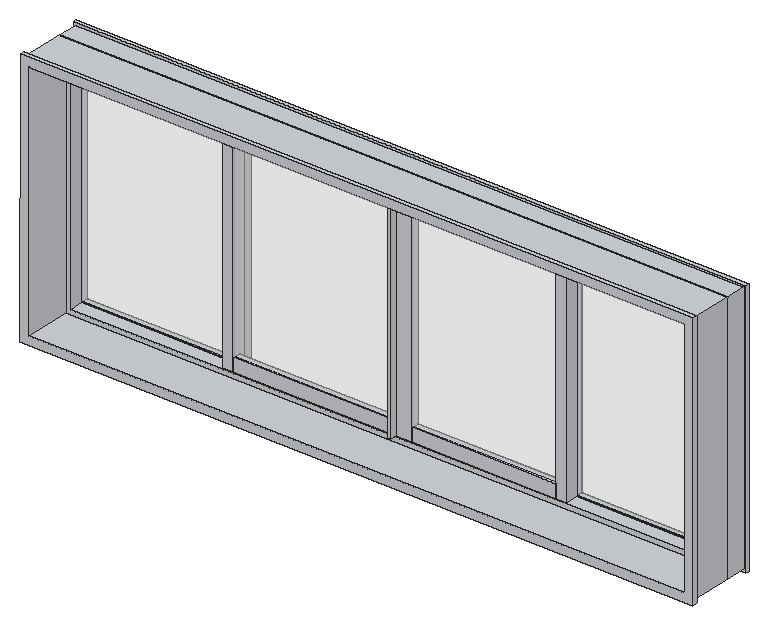
Revit family "APL Residential Thermal Heart Sliding Window FSSF", category Windows, host Wall, Revit 2017 (continued)
Definition of nested family "APL Residential Thermal Heart Sliding Window FSSF Horizontal Section"
  Definition of nested family "Jamb Fixed"
    Definition of nested family "65400_Jamb Fixed"
      Lines and regions (mm)
        detail lines, in view "Ref. Level"
          curve 325: arc (82.5, 35.874, 0) -> (82.582, 35.477, 0) -> (82.815, 35.146, 0) r 1
          curve 326: arc (82.815, 35.146, 0) -> (82.878, 35, 0) -> (82.815, 34.854, 0) r 0.2
          curve 327: arc (82.815, 34.854, 0) -> (82.582, 34.523, 0) -> (82.5, 34.126, 0) r 1
          curve 328: arc (82.5, 32.55, 0) -> (82.628, 32.332, 0) -> (82.88, 32.337, 0) r 0.25
          curve 329: arc (82.966, 32.389, 0) -> (83.072, 32.521, 0) -> (83.069, 32.691, 0) r 0.25
          curve 330: arc (84.323, 33.456, 0) -> (84.398, 33.489, 0) -> (84.479, 33.5, 0) r 0.3
          curve 331: arc (85, 33.5, 0) -> (85.158, 33.423, 0) -> (85.194, 33.25, 0) r 0.2
          curve 332: arc (85, 29.247, 0) -> (85.026, 29.125, 0) -> (85.1, 29.024, 0) r 0.3
          curve 333: arc (85.1, 29.024, 0) -> (85.164, 28.657, 0) -> (84.822, 28.51, 0) r 0.3
          curve 334: arc (82.679, 29.043, 0) -> (82.59, 29.095, 0) -> (82.538, 29.184, 0) r 0.2
          curve 335: arc (82.493, 29.352, 0) -> (82.352, 29.493, 0) -> (82.159, 29.441, 0) r 0.2
          curve 336: arc (81.795, 29.078, 0) -> (81.735, 28.992, 0) -> (81.708, 28.892, 0) r 0.3
          curve 337: arc (81.501, 26.526, 0) -> (81.617, 26.262, 0) -> (81.903, 26.218, 0) r 0.3
          curve 338: arc (83.313, 26.732, 0) -> (83.439, 26.819, 0) -> (83.505, 26.957, 0) r 0.3
          curve 339: arc (83.505, 26.957, 0) -> (83.778, 27.199, 0) -> (84.083, 27, 0) r 0.3
          curve 340: arc (86.7, 27, 0) -> (86.841, 27.059, 0) -> (86.9, 27.2, 0) r 0.2
          curve 341: arc (86.9, 30.3, 0) -> (86.959, 30.441, 0) -> (87.1, 30.5, 0) r 0.2
          curve 342: arc (89.2, 30.5, 0) -> (89.341, 30.441, 0) -> (89.4, 30.3, 0) r 0.2
          curve 343: arc (89.4, 29.2, 0) -> (89.459, 29.059, 0) -> (89.6, 29, 0) r 0.2
          curve 344: arc (101.9, 29, 0) -> (102.042, 29.059, 0) -> (102.1, 29.2, 0) r 0.2
          curve 345: arc (102.1, 30.1, 0) -> (102.159, 30.241, 0) -> (102.3, 30.3, 0) r 0.2
          curve 346: arc (109.1, 30.3, 0) -> (109.454, 30.154, 0) -> (109.6, 29.8, 0) r 0.5
          curve 347: arc (109.6, 28.5, 0) -> (109.541, 28.359, 0) -> (109.4, 28.3, 0) r 0.2
          curve 348: arc (107.3, 28.3, 0) -> (107.159, 28.241, 0) -> (107.1, 28.1, 0) r 0.2
          curve 349: arc (107.1, 27.2, 0) -> (107.159, 27.059, 0) -> (107.3, 27, 0) r 0.2
          curve 350: arc (109.5, 27, 0) -> (109.854, 26.854, 0) -> (110, 26.5, 0) r 0.5
          curve 351: arc (110, 20.2, 0) -> (110.146, 19.846, 0) -> (110.5, 19.7, 0) r 0.5
          curve 352: arc (111.3, 19.7, 0) -> (111.441, 19.759, 0) -> (111.5, 19.9, 0) r 0.2
          curve 353: arc (113.3, 20.7, 0) -> (113.441, 20.641, 0) -> (113.5, 20.5, 0) r 0.2
          curve 354: arc (113.5, 15.6, 0) -> (113.1, 15.2, 0) -> (113.5, 14.8, 0) r 0.4
          curve 355: arc (113.5, 9.9, 0) -> (113.441, 9.759, 0) -> (113.3, 9.7, 0) r 0.2
          curve 356: arc (111.5, 10.3, 0) -> (111.383, 10.583, 0) -> (111.1, 10.7, 0) r 0.4
          curve 357: arc (111, 10.7, 0) -> (110.646, 10.553, 0) -> (110.5, 10.2, 0) r 0.5
          curve 358: arc (110.5, 7.65, 0) -> (111, 7.15, 0) -> (111.5, 7.65, 0) r 0.5
          curve 359: arc (111.5, 8.5, 0) -> (111.559, 8.641, 0) -> (111.7, 8.7, 0) r 0.2
          curve 360: arc (113.3, 8.7, 0) -> (113.441, 8.641, 0) -> (113.5, 8.5, 0) r 0.2
          curve 361: line (113.3, 6.95, 0) -> (113.3, 2.75, 0)
          curve 362: line (113.5, 2.404, 0) -> (113.5, 1.2, 0)
          curve 363: line (113.3, 1, 0) -> (111.701, 1, 0)
          curve 364: line (111.5, 1.2, 0) -> (111.5, 2.05, 0)
          curve 365: line (110.5, 2.05, 0) -> (110.5, 0.5, 0)
          curve 366: line (111, 0, 0) -> (114.5, 0, 0)
          curve 367: line (115, 0.5, 0) -> (115, 21.5, 0)
          curve 368: line (114.5, 22, 0) -> (111.7, 22, 0)
          curve 369: line (111.5, 22.2, 0) -> (111.5, 29.801, 0)
          curve 370: line (109.293, 35.9, 0) -> (109.5, 35.9, 0)
          curve 371: line (111.5, 37.9, 0) -> (111.5, 41.5, 0)
          curve 372: line (111.5, 41.5, 0) -> (120.75, 41.5, 0)
          curve 373: line (120.745, 43, 0) -> (119, 43, 0)
          curve 374: line (119, 43, 0) -> (118.6, 42.6, 0)
          curve 375: line (118.6, 42.6, 0) -> (112.3, 42.6, 0)
          curve 376: line (112.3, 42.6, 0) -> (111.9, 43, 0)
          curve 377: line (111.9, 43, 0) -> (111.5, 43, 0)
          curve 378: line (110, 41.5, 0) -> (110, 38, 0)
          curve 379: line (109.8, 37.8, 0) -> (100.5, 37.8, 0)
          curve 380: line (100, 37.3, 0) -> (100, 36.8, 0)
          curve 381: line (100.5, 36.3, 0) -> (101.927, 36.3, 0)
          curve 382: line (100.048, 30.9, 0) -> (91.556, 30.9, 0)
          curve 383: line (89.2, 32.4, 0) -> (87.9, 32.4, 0)
          curve 384: line (86.9, 33.4, 0) -> (86.9, 42.5, 0)
          curve 385: line (86.4, 43, 0) -> (84.083, 43, 0)
          curve 386: line (83.313, 43.268, 0) -> (81.903, 43.782, 0)
          curve 387: line (81.501, 43.474, 0) -> (81.708, 41.108, 0)
          curve 388: line (81.795, 40.922, 0) -> (82.159, 40.559, 0)
          curve 389: line (82.493, 40.648, 0) -> (82.538, 40.816, 0)
          curve 390: line (82.679, 40.957, 0) -> (84.812, 41.528, 0)
          curve 391: line (85, 40.753, 0) -> (85, 37.525, 0)
          curve 392: line (85, 37.5, 0) -> (85.194, 36.75, 0)
          curve 393: line (85, 36.5, 0) -> (84.479, 36.5, 0)
          curve 394: line (84.323, 36.544, 0) -> (83.069, 37.309, 0)
          curve 395: line (82.5, 37.45, 0) -> (82.5, 35.874, 0)
          curve 396: line (82.5, 34.126, 0) -> (82.5, 32.55, 0)
          curve 397: line (83.069, 32.691, 0) -> (84.323, 33.456, 0)
          curve 398: line (84.479, 33.5, 0) -> (85, 33.5, 0)
          curve 399: line (85.194, 33.25, 0) -> (85, 32.5, 0)
          curve 400: line (85, 32.475, 0) -> (85, 29.248, 0)
          curve 401: line (84.812, 28.472, 0) -> (82.679, 29.043, 0)
          curve 402: line (82.538, 29.184, 0) -> (82.493, 29.352, 0)
          curve 403: line (82.159, 29.441, 0) -> (81.795, 29.078, 0)
          curve 404: line (81.708, 28.892, 0) -> (81.501, 26.526, 0)
          curve 405: line (81.903, 26.218, 0) -> (83.313, 26.732, 0)
          curve 406: line (84.083, 27, 0) -> (86.7, 27, 0)
          curve 407: line (86.9, 27.2, 0) -> (86.9, 30.3, 0)
          curve 408: line (87.1, 30.5, 0) -> (89.2, 30.5, 0)
          curve 409: line (89.4, 30.3, 0) -> (89.4, 29.2, 0)
          curve 410: line (89.6, 29, 0) -> (95.4, 29, 0)
          curve 411: line (95.4, 29, 0) -> (95.8, 29.4, 0)
          curve 412: line (95.8, 29.4, 0) -> (96.2, 29, 0)
          curve 413: line (96.2, 29, 0) -> (101.9, 29, 0)
          curve 414: line (102.1, 29.2, 0) -> (102.1, 30.1, 0)
          curve 415: line (102.3, 30.3, 0) -> (109.1, 30.3, 0)
          curve 416: line (109.6, 29.8, 0) -> (109.6, 28.5, 0)
          curve 417: line (109.4, 28.3, 0) -> (107.3, 28.3, 0)
          curve 418: line (107.1, 28.1, 0) -> (107.1, 27.2, 0)
          curve 419: line (107.3, 27, 0) -> (109.5, 27, 0)
          curve 420: line (110, 26.5, 0) -> (110, 20.2, 0)
          curve 421: line (110.5, 19.7, 0) -> (111.3, 19.7, 0)
          curve 422: line (111.5, 19.9, 0) -> (111.5, 20.7, 0)
          curve 423: line (111.5, 20.7, 0) -> (113.3, 20.7, 0)
          curve 424: line (113.5, 20.5, 0) -> (113.5, 15.6, 0)
          curve 425: line (113.5, 14.8, 0) -> (113.5, 9.9, 0)
          curve 426: line (113.3, 9.7, 0) -> (111.5, 9.7, 0)
          curve 427: line (111.5, 9.7, 0) -> (111.5, 10.3, 0)
          curve 428: line (110.5, 10.2, 0) -> (110.5, 7.65, 0)
          curve 429: line (111.5, 7.65, 0) -> (111.5, 8.5, 0)
          curve 430: line (111.7, 8.7, 0) -> (113.3, 8.7, 0)
          curve 431: line (113.5, 8.5, 0) -> (113.5, 7.296, 0)
          curve 432: arc (113.5, 7.296, 0) -> (113.473, 7.196, 0) -> (113.4, 7.123, 0) r 0.2
          curve 433: arc (12.7, 24.6, 0) -> (12.817, 24.883, 0) -> (13.1, 25, 0) r 0.4
          curve 434: arc (13.393, 25, 0) -> (13.496, 24.986, 0) -> (13.593, 24.946, 0) r 0.4
          curve 435: arc (15.121, 24.062, 0) -> (15.411, 23.941, 0) -> (15.722, 23.9, 0) r 1.2
          curve 436: arc (16.645, 23.9, 0) -> (17.218, 23.719, 0) -> (17.584, 23.242, 0) r 1
          curve 437: arc (18.377, 21.063, 0) -> (18.524, 20.872, 0) -> (18.753, 20.8, 0) r 0.4
          curve 438: arc (21.447, 20.8, 0) -> (21.676, 20.872, 0) -> (21.823, 21.063, 0) r 0.4
          curve 439: arc (22.616, 23.242, 0) -> (22.982, 23.719, 0) -> (23.555, 23.9, 0) r 1
          curve 440: arc (24.478, 23.9, 0) -> (24.789, 23.941, 0) -> (25.079, 24.062, 0) r 1.2
          curve 441: arc (26.607, 24.946, 0) -> (26.704, 24.986, 0) -> (26.807, 25, 0) r 0.4
          curve 442: arc (27.1, 25, 0) -> (27.383, 24.883, 0) -> (27.5, 24.6, 0) r 0.4
          curve 443: arc (27.5, 21.2, 0) -> (27.383, 20.917, 0) -> (27.1, 20.8, 0) r 0.4
          curve 444: arc (26.807, 20.8, 0) -> (26.704, 20.814, 0) -> (26.607, 20.854, 0) r 0.4
          curve 445: arc (25.079, 21.739, 0) -> (24.785, 21.86, 0) -> (24.47, 21.9, 0) r 1.2
          curve 446: arc (24.47, 21.9, 0) -> (24.295, 21.847, 0) -> (24.184, 21.703, 0) r 0.3
          curve 447: arc (23.296, 19.263, 0) -> (23.149, 19.072, 0) -> (22.92, 19, 0) r 0.4
          curve 448: arc (17.28, 19, 0) -> (17.051, 19.072, 0) -> (16.904, 19.263, 0) r 0.4
          curve 449: arc (16.016, 21.703, 0) -> (15.905, 21.847, 0) -> (15.73, 21.9, 0) r 0.3
          curve 450: arc (15.73, 21.9, 0) -> (15.415, 21.86, 0) -> (15.121, 21.739, 0) r 1.2
          curve 451: arc (13.593, 20.854, 0) -> (13.496, 20.814, 0) -> (13.393, 20.8, 0) r 0.4
          curve 452: arc (13.1, 20.8, 0) -> (12.817, 20.917, 0) -> (12.7, 21.2, 0) r 0.4
          curve 453: line (13.1, 25, 0) -> (13.393, 25, 0)
          curve 454: line (13.593, 24.946, 0) -> (15.121, 24.062, 0)
          curve 455: line (15.722, 23.9, 0) -> (16.645, 23.9, 0)
          curve 456: line (17.584, 23.242, 0) -> (18.377, 21.063, 0)
          curve 457: line (18.753, 20.8, 0) -> (21.447, 20.8, 0)
          curve 458: line (21.823, 21.063, 0) -> (22.616, 23.242, 0)
          curve 459: line (23.555, 23.9, 0) -> (24.478, 23.9, 0)
          curve 460: line (25.079, 24.062, 0) -> (26.607, 24.946, 0)
          curve 461: line (26.807, 25, 0) -> (27.1, 25, 0)
          curve 462: line (27.5, 24.6, 0) -> (27.5, 21.2, 0)
          curve 463: line (27.1, 20.8, 0) -> (26.807, 20.8, 0)
          curve 464: line (26.607, 20.854, 0) -> (25.079, 21.739, 0)
          curve 465: line (24.184, 21.703, 0) -> (23.296, 19.263, 0)
          curve 466: line (22.92, 19, 0) -> (17.28, 19, 0)
          curve 467: line (16.904, 19.263, 0) -> (16.016, 21.703, 0)
          curve 468: line (15.121, 21.739, 0) -> (13.593, 20.854, 0)
          curve 469: line (13.393, 20.8, 0) -> (13.1, 20.8, 0)
          curve 470: line (12.7, 21.2, 0) -> (12.7, 24.6, 0)
          curve 471: arc (12.7, 40.8, 0) -> (12.817, 41.083, 0) -> (13.1, 41.2, 0) r 0.4
          curve 472: arc (13.393, 41.2, 0) -> (13.496, 41.186, 0) -> (13.593, 41.146, 0) r 0.4
          curve 473: arc (15.121, 40.262, 0) -> (15.411, 40.141, 0) -> (15.722, 40.1, 0) r 1.2
          curve 474: arc (16.645, 40.1, 0) -> (17.218, 39.919, 0) -> (17.584, 39.442, 0) r 1
          curve 475: arc (18.377, 37.263, 0) -> (18.524, 37.072, 0) -> (18.753, 37, 0) r 0.4
          curve 476: arc (21.447, 37, 0) -> (21.676, 37.072, 0) -> (21.823, 37.263, 0) r 0.4
          curve 477: arc (22.616, 39.442, 0) -> (22.982, 39.919, 0) -> (23.555, 40.1, 0) r 1
          curve 478: arc (24.478, 40.1, 0) -> (24.789, 40.141, 0) -> (25.079, 40.262, 0) r 1.2
          curve 479: arc (26.607, 41.146, 0) -> (26.704, 41.186, 0) -> (26.807, 41.2, 0) r 0.4
          curve 480: arc (27.1, 41.2, 0) -> (27.383, 41.083, 0) -> (27.5, 40.8, 0) r 0.4
          curve 481: arc (27.5, 37.4, 0) -> (27.383, 37.117, 0) -> (27.1, 37, 0) r 0.4
          curve 482: arc (26.807, 37, 0) -> (26.704, 37.014, 0) -> (26.607, 37.054, 0) r 0.4
          curve 483: arc (25.079, 37.939, 0) -> (24.785, 38.06, 0) -> (24.47, 38.1, 0) r 1.2
          curve 484: arc (24.47, 38.1, 0) -> (24.295, 38.047, 0) -> (24.184, 37.903, 0) r 0.3
          curve 485: arc (23.296, 35.463, 0) -> (23.149, 35.272, 0) -> (22.92, 35.2, 0) r 0.4
          curve 486: arc (17.28, 35.2, 0) -> (17.051, 35.272, 0) -> (16.904, 35.463, 0) r 0.4
          curve 487: arc (16.016, 37.903, 0) -> (15.905, 38.047, 0) -> (15.73, 38.1, 0) r 0.3
          curve 488: arc (15.73, 38.1, 0) -> (15.415, 38.06, 0) -> (15.121, 37.939, 0) r 1.2
          curve 489: arc (13.593, 37.054, 0) -> (13.496, 37.014, 0) -> (13.393, 37, 0) r 0.4
          curve 490: arc (13.1, 37, 0) -> (12.817, 37.117, 0) -> (12.7, 37.4, 0) r 0.4
          curve 491: line (13.1, 41.2, 0) -> (13.393, 41.2, 0)
          curve 492: line (13.593, 41.146, 0) -> (15.121, 40.262, 0)
          curve 493: line (15.722, 40.1, 0) -> (16.645, 40.1, 0)
          curve 494: line (17.584, 39.442, 0) -> (18.377, 37.263, 0)
          curve 495: line (18.753, 37, 0) -> (21.447, 37, 0)
          curve 496: line (21.823, 37.263, 0) -> (22.616, 39.442, 0)
          curve 497: line (23.555, 40.1, 0) -> (24.478, 40.1, 0)
          curve 498: line (25.079, 40.262, 0) -> (26.607, 41.146, 0)
          curve 499: line (26.807, 41.2, 0) -> (27.1, 41.2, 0)
          curve 500: line (27.5, 40.8, 0) -> (27.5, 37.4, 0)
          curve 501: line (27.1, 37, 0) -> (26.807, 37, 0)
          curve 502: line (26.607, 37.054, 0) -> (25.079, 37.939, 0)
          curve 503: line (24.184, 37.903, 0) -> (23.296, 35.463, 0)
          curve 504: line (22.92, 35.2, 0) -> (17.28, 35.2, 0)
          curve 505: line (16.904, 35.463, 0) -> (16.016, 37.903, 0)
          curve 506: line (15.121, 37.939, 0) -> (13.593, 37.054, 0)
          curve 507: line (13.393, 37, 0) -> (13.1, 37, 0)
          curve 508: line (12.7, 37.4, 0) -> (12.7, 40.8, 0)
          curve 509: arc (10.8, 36.502, 0) -> (11.356, 35.157, 0) -> (12.7, 34.6, 0) r 1.9
          curve 510: arc (13.1, 34.6, 0) -> (13.241, 34.541, 0) -> (13.3, 34.4, 0) r 0.2
          curve 511: arc (13.3, 27.6, 0) -> (13.241, 27.459, 0) -> (13.1, 27.4, 0) r 0.2
          curve 512: arc (11, 27.4, 0) -> (10.859, 27.341, 0) -> (10.8, 27.2, 0) r 0.2
          curve 513: arc (10.8, 26.717, 0) -> (10.741, 26.575, 0) -> (10.6, 26.517, 0) r 0.2
          curve 514: arc (1.9, 26.517, 0) -> (1.546, 26.663, 0) -> (1.4, 27.017, 0) r 0.5
          curve 515: arc (1.4, 40.755, 0) -> (1.521, 41.369, 0) -> (1.869, 41.889, 0) r 1.6
          curve 516: arc (6.387, 46.407, 0) -> (6.711, 46.624, 0) -> (7.094, 46.7, 0) r 1
          curve 517: arc (9.8, 46.7, 0) -> (10.507, 46.407, 0) -> (10.8, 45.7, 0) r 1
          curve 518: arc (1.665, 19.379, 0) -> (1.729, 19.478, 0) -> (1.725, 19.597, 0) r 0.2
          curve 519: arc (1.725, 19.597, 0) -> (1.621, 19.766, 0) -> (1.453, 19.873, 0) r 0.45
          curve 520: arc (1.453, 19.873, 0) -> (1.357, 19.948, 0) -> (1.322, 20.064, 0) r 0.2
          curve 521: arc (1.379, 24.919, 0) -> (1.438, 25.059, 0) -> (1.579, 25.117, 0) r 0.2
          curve 522: arc (10.6, 25.117, 0) -> (10.741, 25.058, 0) -> (10.8, 24.917, 0) r 0.2
          curve 523: arc (10.8, 20.828, 0) -> (10.773, 20.728, 0) -> (10.7, 20.655, 0) r 0.2
          curve 524: arc (9.6, 20.02, 0) -> (9.38, 19.8, 0) -> (9.3, 19.5, 0) r 0.6
          curve 525: arc (9.3, 19.2, 0) -> (9.359, 19.059, 0) -> (9.5, 19, 0) r 0.2
          curve 526: arc (13.617, 19, 0) -> (13.922, 19.199, 0) -> (14.195, 18.957, 0) r 0.3
          curve 527: arc (14.195, 18.957, 0) -> (14.261, 18.819, 0) -> (14.387, 18.732, 0) r 0.3
          curve 528: arc (15.797, 18.218, 0) -> (16.083, 18.262, 0) -> (16.199, 18.526, 0) r 0.3
          curve 529: arc (15.992, 20.892, 0) -> (15.965, 20.992, 0) -> (15.905, 21.078, 0) r 0.3
          curve 530: arc (15.541, 21.441, 0) -> (15.348, 21.493, 0) -> (15.207, 21.352, 0) r 0.2
          curve 531: arc (15.162, 21.184, 0) -> (15.11, 21.095, 0) -> (15.021, 21.043, 0) r 0.2
          curve 532: arc (12.878, 20.51, 0) -> (12.536, 20.657, 0) -> (12.6, 21.024, 0) r 0.3
          curve 533: arc (12.6, 21.024, 0) -> (12.674, 21.125, 0) -> (12.7, 21.247, 0) r 0.3
          curve 534: arc (12.506, 25.25, 0) -> (12.542, 25.422, 0) -> (12.7, 25.5, 0) r 0.2
          curve 535: arc (13.221, 25.5, 0) -> (13.302, 25.489, 0) -> (13.377, 25.456, 0) r 0.3
          curve 536: arc (14.631, 24.691, 0) -> (14.637, 24.498, 0) -> (14.78, 24.367, 0) r 0.25
          curve 537: arc (14.78, 24.367, 0) -> (15.05, 24.321, 0) -> (15.2, 24.55, 0) r 0.25
          curve 538: arc (15.2, 34.401, 0) -> (15.259, 34.542, 0) -> (15.4, 34.6, 0) r 0.2
          curve 539: arc (16.479, 34.6, 0) -> (16.643, 34.685, 0) -> (16.667, 34.868, 0) r 0.2
          curve 540: arc (15.775, 37.318, 0) -> (15.702, 37.414, 0) -> (15.587, 37.45, 0) r 0.2
          curve 541: arc (15.353, 37.45, 0) -> (15.248, 37.48, 0) -> (15.174, 37.561, 0) r 0.2
          curve 542: arc (15.174, 37.561, 0) -> (14.995, 37.696, 0) -> (14.78, 37.633, 0) r 0.25
          curve 543: arc (14.78, 37.633, 0) -> (14.637, 37.502, 0) -> (14.631, 37.309, 0) r 0.25
          curve 544: arc (13.377, 36.544, 0) -> (13.302, 36.511, 0) -> (13.221, 36.5, 0) r 0.3
          curve 545: arc (12.7, 36.5, 0) -> (12.542, 36.578, 0) -> (12.506, 36.75, 0) r 0.2
          curve 546: arc (12.7, 40.753, 0) -> (12.674, 40.875, 0) -> (12.6, 40.976, 0) r 0.3
          curve 547: arc (12.6, 40.976, 0) -> (12.536, 41.343, 0) -> (12.878, 41.49, 0) r 0.3
          curve 548: arc (15.021, 40.957, 0) -> (15.11, 40.905, 0) -> (15.162, 40.816, 0) r 0.2
          curve 549: arc (15.207, 40.648, 0) -> (15.348, 40.507, 0) -> (15.541, 40.559, 0) r 0.2
          curve 550: arc (15.905, 40.922, 0) -> (15.965, 41.008, 0) -> (15.992, 41.108, 0) r 0.3
          curve 551: arc (16.199, 43.474, 0) -> (16.083, 43.738, 0) -> (15.797, 43.782, 0) r 0.3
          curve 552: arc (14.387, 43.268, 0) -> (14.261, 43.181, 0) -> (14.195, 43.043, 0) r 0.3
          curve 553: arc (14.195, 43.043, 0) -> (13.922, 42.801, 0) -> (13.617, 43, 0) r 0.3
          curve 554: arc (12.6, 43, 0) -> (12.459, 43.059, 0) -> (12.4, 43.2, 0) r 0.2
          curve 555: arc (12.4, 45.696, 0) -> (11.64, 47.537, 0) -> (9.8, 48.3, 0) r 2.6
          curve 556: arc (7.9, 48.3, 0) -> (7.547, 48.446, 0) -> (7.4, 48.8, 0) r 0.5
          curve 557: arc (7.4, 56.402, 0) -> (7.508, 56.581, 0) -> (7.716, 56.566, 0) r 0.2
          curve 558: arc (7.716, 56.566, 0) -> (8.721, 56.692, 0) -> (8.684, 57.705, 0) r 0.75
          curve 559: arc (8.684, 57.705, 0) -> (8.15, 59.005, 0) -> (8.684, 60.305, 0) r 1.85
          curve 560: arc (8.684, 60.305, 0) -> (8.794, 60.447, 0) -> (8.867, 60.612, 0) r 0.75
          curve 561: arc (8.867, 60.612, 0) -> (8.97, 60.796, 0) -> (9.14, 60.921, 0) r 0.5
          curve 562: arc (9.14, 60.921, 0) -> (10, 61.105, 0) -> (10.86, 60.921, 0) r 2.1
          curve 563: arc (10.86, 60.921, 0) -> (11.03, 60.796, 0) -> (11.133, 60.612, 0) r 0.5
          curve 564: arc (11.133, 60.612, 0) -> (11.206, 60.447, 0) -> (11.316, 60.305, 0) r 0.75
          curve 565: arc (11.316, 60.305, 0) -> (11.85, 59.005, 0) -> (11.316, 57.705, 0) r 1.85
          curve 566: arc (11.316, 57.705, 0) -> (11.323, 56.644, 0) -> (12.384, 56.651, 0) r 0.75
          curve 567: arc (12.384, 56.651, 0) -> (13.348, 58.881, 0) -> (12.551, 61.176, 0) r 3.35
          curve 568: arc (12.551, 61.176, 0) -> (12.478, 61.71, 0) -> (12.932, 62, 0) r 0.5
          curve 569: arc (13.15, 62, 0) -> (13.291, 62.059, 0) -> (13.35, 62.2, 0) r 0.2
          curve 570: arc (13.35, 62.5, 0) -> (13.204, 62.854, 0) -> (12.85, 63, 0) r 0.5
          curve 571: arc (7, 63, 0) -> (6.293, 62.707, 0) -> (6, 62, 0) r 1
          curve 572: arc (6, 49.243, 0) -> (5.772, 48.095, 0) -> (5.121, 47.121, 0) r 3
          curve 573: arc (0.879, 42.879, 0) -> (0.228, 41.905, 0) -> (0, 40.757, 0) r 3
          curve 574: arc (0, 19.2, 0) -> (0.059, 19.059, 0) -> (0.2, 19, 0) r 0.2
          curve 575: line (10.8, 45.7, 0) -> (10.8, 36.502, 0)
          curve 576: line (12.7, 34.6, 0) -> (13.1, 34.6, 0)
          curve 577: line (13.3, 34.4, 0) -> (13.3, 27.6, 0)
          curve 578: line (13.1, 27.4, 0) -> (11, 27.4, 0)
          curve 579: line (10.8, 27.2, 0) -> (10.8, 26.717, 0)
          curve 580: line (10.6, 26.517, 0) -> (1.9, 26.517, 0)
          curve 581: line (1.4, 27.017, 0) -> (1.4, 40.755, 0)
          curve 582: line (1.869, 41.889, 0) -> (6.387, 46.407, 0)
          curve 583: line (7.094, 46.7, 0) -> (9.8, 46.7, 0)
          curve 584: line (1.322, 20.064, 0) -> (1.379, 24.919, 0)
          curve 585: line (1.579, 25.117, 0) -> (10.6, 25.117, 0)
          curve 586: line (10.8, 24.917, 0) -> (10.8, 20.828, 0)
          curve 587: line (10.7, 20.655, 0) -> (9.6, 20.02, 0)
          curve 588: line (9.3, 19.5, 0) -> (9.3, 19.2, 0)
          curve 589: line (9.5, 19, 0) -> (13.617, 19, 0)
          curve 590: line (14.387, 18.732, 0) -> (15.797, 18.218, 0)
          curve 591: line (16.199, 18.526, 0) -> (15.992, 20.892, 0)
          curve 592: line (15.905, 21.078, 0) -> (15.541, 21.441, 0)
          curve 593: line (15.207, 21.352, 0) -> (15.162, 21.184, 0)
          curve 594: line (15.021, 21.043, 0) -> (12.888, 20.472, 0)
          curve 595: line (12.7, 21.247, 0) -> (12.7, 24.475, 0)
          curve 596: line (12.7, 24.5, 0) -> (12.506, 25.25, 0)
          curve 597: line (12.7, 25.5, 0) -> (13.221, 25.5, 0)
          curve 598: line (13.377, 25.456, 0) -> (14.631, 24.691, 0)
          curve 599: line (15.2, 24.55, 0) -> (15.2, 26.126, 0)
          curve 600: line (15.2, 26.126, 0) -> (15.2, 34.401, 0)
          curve 601: line (15.4, 34.6, 0) -> (16.479, 34.6, 0)
          curve 602: line (16.667, 34.868, 0) -> (15.775, 37.318, 0)
          curve 603: line (15.587, 37.45, 0) -> (15.353, 37.45, 0)
          curve 604: line (14.631, 37.309, 0) -> (13.377, 36.544, 0)
          curve 605: line (13.221, 36.5, 0) -> (12.7, 36.5, 0)
          curve 606: line (12.506, 36.75, 0) -> (12.7, 37.5, 0)
          curve 607: line (12.7, 37.525, 0) -> (12.7, 40.753, 0)
          curve 608: line (12.888, 41.528, 0) -> (15.021, 40.957, 0)
          curve 609: line (15.162, 40.816, 0) -> (15.207, 40.648, 0)
          curve 610: line (15.541, 40.559, 0) -> (15.905, 40.922, 0)
          curve 611: line (15.992, 41.108, 0) -> (16.199, 43.474, 0)
          curve 612: line (15.797, 43.782, 0) -> (14.387, 43.268, 0)
          curve 613: line (13.617, 43, 0) -> (12.6, 43, 0)
          curve 614: line (12.4, 43.2, 0) -> (12.4, 45.696, 0)
          curve 615: line (9.8, 48.3, 0) -> (7.9, 48.3, 0)
          curve 616: line (7.4, 48.8, 0) -> (7.4, 56.402, 0)
          curve 617: line (12.932, 62, 0) -> (13.15, 62, 0)
          curve 618: line (13.35, 62.2, 0) -> (13.35, 62.5, 0)
          curve 619: line (12.85, 63, 0) -> (7, 63, 0)
          curve 620: line (6, 62, 0) -> (6, 49.243, 0)
          curve 621: line (5.121, 47.121, 0) -> (0.879, 42.879, 0)
          curve 622: line (0, 40.757, 0) -> (0, 19.2, 0)
          curve 623: line (0.2, 19, 0) -> (1.214, 19, 0)
          curve 624: line (1.214, 19, 0) -> (1.665, 19.379, 0)
      Text (mm)
        text "65400" at (42.552, 67.011, 0), in view "Ref. Level"
    Definition of nested family "65585_Infill"
      Reference planes
        plane 1 "Center (Front/Back)": y = 0
        plane 2: z = 0
        plane 3 "Center (Left/Right)": x = 0
      Lines and regions (mm)
        model lines, in view "Ref. Level"
          curve 1: arc (0.752, -3.072, 0) -> (0.936, -2.765, 0) -> (1, -2.413, 0) r 1
          curve 2: arc (1, -2, 0) -> (1.146, -1.646, 0) -> (1.5, -1.5, 0) r 0.5
          curve 3: arc (36.55, -1.5, 0) -> (36.904, -1.646, 0) -> (37.05, -2, 0) r 0.5
          curve 4: arc (37.05, -2.542, 0) -> (37.582, -3.901, 0) -> (38.896, -4.536, 0) r 2
          curve 5: arc (38.896, -4.536, 0) -> (39.7, -4.528, 0) -> (40.49, -4.38, 0) r 4.6
          curve 6: arc (40.49, -4.38, 0) -> (40.927, -4.463, 0) -> (41.125, -4.861, 0) r 0.5
          curve 7: arc (41.125, -5.356, 0) -> (41.077, -5.571, 0) -> (40.941, -5.744, 0) r 0.5
          curve 8: arc (40.941, -5.744, 0) -> (40.536, -5.965, 0) -> (40.078, -6.026, 0) r 1.261
          curve 9: arc (40.078, -6.026, 0) -> (38.967, -6.436, 0) -> (38.5, -7.524, 0) r 1.5
          curve 10: arc (38.5, -11, 0) -> (38.793, -11.707, 0) -> (39.5, -12, 0) r 1
          curve 11: arc (41.5, -12, 0) -> (42, -11.5, 0) -> (41.5, -11, 0) r 0.5
          curve 12: arc (39.5, -7.524, 0) -> (39.656, -7.161, 0) -> (40.026, -7.024, 0) r 0.5
          curve 13: arc (40.026, -7.024, 0) -> (41.175, -6.779, 0) -> (42.045, -5.99, 0) r 2.261
          curve 14: arc (42.045, -5.99, 0) -> (42.105, -5.861, 0) -> (42.125, -5.72, 0) r 0.5
          curve 15: arc (42.125, -3.292, 0) -> (41.854, -2.848, 0) -> (41.335, -2.884, 0) r 0.5
          curve 16: arc (41.335, -2.884, 0) -> (40.212, -3.419, 0) -> (38.973, -3.539, 0) r 3.6
          curve 17: arc (38.973, -3.539, 0) -> (38.316, -3.222, 0) -> (38.05, -2.542, 0) r 1
          curve 18: arc (38.05, -2.011, 0) -> (38.088, -1.819, 0) -> (38.196, -1.657, 0) r 0.5
          curve 19: arc (39.427, -0.427, 0) -> (39.481, -0.154, 0) -> (39.25, 0, 0) r 0.25
          curve 20: arc (0.5, 0, 0) -> (0.146, -0.146, 0) -> (0, -0.5, 0) r 0.5
          curve 21: line (1, -2.413, 0) -> (1, -2, 0)
          curve 22: line (1.5, -1.5, 0) -> (36.55, -1.5, 0)
          curve 23: line (37.05, -2, 0) -> (37.05, -2.542, 0)
          curve 24: line (41.125, -4.861, 0) -> (41.125, -5.356, 0)
          curve 25: line (38.5, -7.524, 0) -> (38.5, -11, 0)
          curve 26: line (39.5, -12, 0) -> (41.5, -12, 0)
          curve 27: line (41.5, -11, 0) -> (39.5, -11, 0)
          curve 28: line (39.5, -11, 0) -> (39.5, -7.524, 0)
          curve 29: line (42.125, -5.72, 0) -> (42.125, -3.292, 0)
          curve 30: line (38.05, -2.542, 0) -> (38.05, -2.011, 0)
          curve 31: line (38.196, -1.657, 0) -> (39.427, -0.427, 0)
          curve 32: line (39.25, 0, 0) -> (0.5, 0, 0)
          curve 33: line (0, -0.5, 0) -> (0, -2.413, 0)
          curve 34: arc (0, -2.413, 0) -> (-0.837, -6.153, 0) -> (1.856, -8.881, 0) r 4
          curve 35: arc (1.856, -8.881, 0) -> (2.479, -8.546, 0) -> (2.144, -7.923, 0) r 0.5
          curve 36: arc (2.144, -7.923, 0) -> (0.124, -5.878, 0) -> (0.752, -3.072, 0) r 3
      Text (mm)
        text "65585" at (9.33, 14.342, 0), in view "Ref. Level"
  Definition of nested family "Glazing Bead"
    Parameters (values of type "Glazing Bead")
      Glass Lenght [instance] = 50 mm
    Reference planes
      plane 1 "Center (Front/Back)": y = 0
      plane 2: z = 0
      plane 3 "Center (Left/Right)": x = 0
      plane 4: y = -50
    Lines and regions (mm)
      Filled region 1, type "Solid Fill - Black", in view "Ref. Level"
        outline origin (0, 0, 0) x (1, 0, 0) y (0, 1, 0)
          loop
            line (4, 0) -> (4, -12) -> (20, -12) -> (20, 0) -> (4, 0)
      model lines, in view "Ref. Level"
        curve 1: line (4, -12, 0) -> (20, -12, 0)
        curve 2: line (0, -50, 0) -> (0, 0, 0)
        curve 3: line (0, 0, 0) -> (24, 0, 0)
        curve 4: line (24, 0, 0) -> (24, -50, 0)
        curve 5: line (20, 0, 0) -> (20, -50, 0)
        curve 6: line (4, 0, 0) -> (4, -50, 0)
      detail lines, in view "Ref. Level"
        curve 7: arc (-0.25, -4.9, 0) -> (0, -5.15, 0) -> (-0.25, -5.4, 0) r 0.25
        curve 8: arc (-0.25, -8.45, 0) -> (0, -8.7, 0) -> (-0.25, -8.95, 0) r 0.25
        curve 9: arc (-0.25, -9.619, 0) -> (0, -9.869, 0) -> (-0.25, -10.119, 0) r 0.25
        curve 10: arc (-0.25, -10.787, 0) -> (0, -11.037, 0) -> (-0.25, -11.287, 0) r 0.25
        curve 11: line (-0.25, -12.456, 0) -> (-1, -12.456, 0)
        curve 12: line (-1, -12.456, 0) -> (-1, -8.45, 0)
        curve 13: line (-1, -8.45, 0) -> (-2.2, -8.45, 0)
        curve 14: line (-2.2, -8.45, 0) -> (-2.2, -9.2, 0)
        curve 15: line (-2.2, -9.2, 0) -> (-2.8, -9.2, 0)
        curve 16: line (-2.8, -9.2, 0) -> (-2.8, -6.1, 0)
        curve 17: line (-2.8, -6.1, 0) -> (-2.2, -6.1, 0)
        curve 18: line (-2.2, -6.1, 0) -> (-2.2, -6.85, 0)
        curve 19: line (-2.2, -6.85, 0) -> (-1, -6.85, 0)
        curve 20: line (-1, -6.85, 0) -> (-1, -4.9, 0)
        curve 21: line (-1, -4.9, 0) -> (-0.25, -4.9, 0)
        curve 22: line (-0.25, -5.4, 0) -> (-0.25, -8.45, 0)
        curve 23: line (-0.25, -8.95, 0) -> (-0.25, -9.619, 0)
        curve 24: line (-0.25, -10.119, 0) -> (-0.25, -10.787, 0)
        curve 25: line (-0.25, -11.287, 0) -> (-0.25, -11.956, 0)
        curve 26: arc (-0.25, -11.956, 0) -> (0, -12.206, 0) -> (-0.25, -12.456, 0) r 0.25
      detail lines, in view "Ref. Level", not visible
        curve 27: arc (-0.25, -4.9, 0) -> (0, -5.15, 0) -> (-0.25, -5.4, 0) r 0.25
        curve 28: arc (-0.25, -8.45, 0) -> (0, -8.7, 0) -> (-0.25, -8.95, 0) r 0.25
        curve 29: arc (-0.25, -9.619, 0) -> (0, -9.869, 0) -> (-0.25, -10.119, 0) r 0.25
        curve 30: arc (-0.25, -10.787, 0) -> (0, -11.037, 0) -> (-0.25, -11.287, 0) r 0.25
        curve 31: line (-0.25, -12.456, 0) -> (-1, -12.456, 0)
        curve 32: line (-1, -12.456, 0) -> (-1, -8.45, 0)
        curve 33: line (-1, -8.45, 0) -> (-2.2, -8.45, 0)
        curve 34: line (-2.2, -8.45, 0) -> (-2.2, -9.2, 0)
        curve 35: line (-2.2, -9.2, 0) -> (-2.8, -9.2, 0)
        curve 36: line (-2.8, -9.2, 0) -> (-2.8, -6.1, 0)
        curve 37: line (-2.8, -6.1, 0) -> (-2.2, -6.1, 0)
        curve 38: line (-2.2, -6.1, 0) -> (-2.2, -6.85, 0)
        curve 39: line (-2.2, -6.85, 0) -> (-1, -6.85, 0)
        curve 40: line (-1, -6.85, 0) -> (-1, -4.9, 0)
        curve 41: line (-1, -4.9, 0) -> (-0.25, -4.9, 0)
        curve 42: line (-0.25, -5.4, 0) -> (-0.25, -8.45, 0)
        curve 43: line (-0.25, -8.95, 0) -> (-0.25, -9.619, 0)
        curve 44: line (-0.25, -10.119, 0) -> (-0.25, -10.787, 0)
        curve 45: line (-0.25, -11.287, 0) -> (-0.25, -11.956, 0)
        curve 46: arc (-0.25, -11.956, 0) -> (0, -12.206, 0) -> (-0.25, -12.456, 0) r 0.25
        curve 47: arc (62.983, -3.041, 0) -> (62.673, -2.901, 0) -> (62.511, -3.2, 0) r 0.25
        curve 48: arc (62.537, -13.088, 0) -> (62.7, -13.387, 0) -> (63.01, -13.247, 0) r 0.25
        curve 49: line (62.511, -3.2, 0) -> (63.505, -7.068, 0)
        curve 50: line (63.505, -7.068, 0) -> (62.502, -7.647, 0)
        curve 51: line (62.502, -7.647, 0) -> (62.502, -8.647, 0)
        curve 52: line (62.502, -8.647, 0) -> (63.527, -9.239, 0)
        curve 53: line (63.527, -9.239, 0) -> (62.537, -13.088, 0)
        curve 54: line (63.01, -13.247, 0) -> (64.734, -9.147, 0)
        curve 55: line (64.734, -9.147, 0) -> (66.002, -9.147, 0)
        curve 56: line (66.002, -9.147, 0) -> (66.002, -10.397, 0)
        curve 57: line (66.002, -10.397, 0) -> (67.002, -10.397, 0)
        curve 58: line (67.002, -10.397, 0) -> (67.002, -5.897, 0)
        curve 59: line (67.002, -5.897, 0) -> (66.002, -5.897, 0)
        curve 60: line (66.002, -5.897, 0) -> (66.002, -7.147, 0)
        curve 61: line (66.002, -7.147, 0) -> (64.71, -7.147, 0)
        curve 62: line (64.71, -7.147, 0) -> (62.983, -3.041, 0)
    Dimensions and locks
      "Glass Lenght": plane 1 "Center (Front/Back)" to plane 4
      aligned and locked: plane 4 to curve 2
      aligned and locked: plane 1 "Center (Front/Back)" to Filled region 1 sketch curve
      aligned and locked: Filled region 1 sketch curve to curve 6
      aligned and locked: Filled region 1 sketch curve to curve 1
      aligned and locked: Filled region 1 sketch curve to curve 5
    Automatic sketch dimensions
      plane 1 "Center (Front/Back)" to curve 2 = 0 mm
      curve 2 to plane 3 "Center (Left/Right)" = 0 mm
      curve 6 to plane 4 = 0 mm
      curve 5 to plane 4 = 0 mm
      curve 4 to plane 4 = 0 mm
      curve 5 to curve 3 = 4 mm
      plane 3 "Center (Left/Right)" to curve 1 = 4 mm
      curve 6 to curve 5 = 16 mm
      plane 1 "Center (Front/Back)" to curve 1 = 12 mm
    Nested families
      nested 1: "65015_Bead" at (-15.5, 6.328, 0), type "65015_Bead", in view "Ref. Level"
    Definition of nested family "65015_Bead"
      Reference planes
        plane 1 "Center (Front/Back)": y = 0
        plane 2: z = 0
        plane 3 "Center (Left/Right)": x = 0
      Lines and regions (mm)
        model lines, in view "Ref. Level"
          curve 1: arc (13.5, 12.78, 0) -> (13.558, 12.92, 0) -> (13.698, 12.978, 0) r 0.198
          curve 2: arc (14.302, 12.978, 0) -> (14.442, 12.918, 0) -> (14.5, 12.777, 0) r 0.201
          curve 3: arc (14.5, 10.175, 0) -> (14.442, 10.036, 0) -> (14.302, 9.978, 0) r 0.198
          curve 4: arc (13.698, 9.978, 0) -> (13.558, 10.036, 0) -> (13.5, 10.175, 0) r 0.198
          curve 5: arc (13.5, 11.027, 0) -> (13.442, 11.169, 0) -> (13.3, 11.228, 0) r 0.2
          curve 6: arc (12.7, 11.228, 0) -> (11.851, 11.579, 0) -> (11.5, 12.428, 0) r 1.2
          curve 7: arc (11.5, 13.628, 0) -> (11.377, 13.813, 0) -> (11.159, 13.769, 0) r 0.2
          curve 8: arc (1.546, 4.157, 0) -> (1.438, 3.995, 0) -> (1.4, 3.804, 0) r 0.5
          curve 9: arc (1.4, 1.817, 0) -> (1.467, 1.567, 0) -> (1.65, 1.384, 0) r 0.5
          curve 10: arc (10.675, -3.827, 0) -> (10.913, -4.714, 0) -> (10.025, -4.952, 0) r 0.65
          curve 11: arc (3.306, -1.073, 0) -> (2.928, -1.023, 0) -> (2.624, -1.254, 0) r 0.5
          curve 12: arc (2.587, -2.129, 0) -> (2.248, -2.45, 0) -> (1.791, -2.352, 0) r 0.5
          curve 13: arc (1.518, -2.123, 0) -> (1.466, -2.054, 0) -> (1.447, -1.97, 0) r 0.2
          curve 14: arc (1.447, -1.115, 0) -> (1.476, -1.011, 0) -> (1.555, -0.938, 0) r 0.2
          curve 15: arc (1.555, -0.938, 0) -> (1.717, -0.809, 0) -> (1.82, -0.63, 0) r 0.55
          curve 16: arc (1.82, -0.63, 0) -> (1.825, -0.452, 0) -> (1.729, -0.302, 0) r 0.3
          curve 17: arc (0.2, 0, 0) -> (0.059, 0.059, 0) -> (0, 0.2, 0) r 0.2
          curve 18: arc (0, 4.383, 0) -> (0.038, 4.575, 0) -> (0.146, 4.737, 0) r 0.5
          curve 19: arc (14.159, 18.749, 0) -> (14.377, 18.792, 0) -> (14.5, 18.608, 0) r 0.2
          curve 20: arc (14.5, 15.172, 0) -> (14.442, 15.034, 0) -> (14.303, 14.978, 0) r 0.194
          curve 21: arc (13.698, 14.978, 0) -> (13.559, 15.038, 0) -> (13.5, 15.177, 0) r 0.203
          curve 22: arc (13.5, 15.528, 0) -> (13.441, 15.669, 0) -> (13.3, 15.728, 0) r 0.201
          curve 23: arc (12.7, 15.728, 0) -> (12.559, 15.669, 0) -> (12.5, 15.528, 0) r 0.2
          curve 24: arc (12.5, 12.428, 0) -> (12.559, 12.286, 0) -> (12.7, 12.228, 0) r 0.2
          curve 25: line (13.5, 12.428, 0) -> (13.5, 12.78, 0)
          curve 26: line (13.698, 12.978, 0) -> (14.302, 12.978, 0)
          curve 27: line (14.5, 12.777, 0) -> (14.5, 10.175, 0)
          curve 28: line (14.302, 9.978, 0) -> (13.698, 9.978, 0)
          curve 29: line (13.5, 10.175, 0) -> (13.5, 11.027, 0)
          curve 30: line (13.3, 11.228, 0) -> (12.7, 11.228, 0)
          curve 31: line (11.5, 12.428, 0) -> (11.5, 13.628, 0)
          curve 32: line (11.159, 13.769, 0) -> (1.546, 4.157, 0)
          curve 33: line (1.4, 3.804, 0) -> (1.4, 1.817, 0)
          curve 34: line (1.65, 1.384, 0) -> (10.675, -3.827, 0)
          curve 35: line (10.025, -4.952, 0) -> (3.306, -1.073, 0)
          curve 36: line (2.597, -1.355, 0) -> (2.597, -2.065, 0)
          curve 37: line (1.791, -2.352, 0) -> (1.518, -2.123, 0)
          curve 38: line (1.518, -2.123, 0) -> (1.447, -1.115, 0)
          curve 39: line (1.729, -0.302, 0) -> (1.425, -0.047, 0)
          curve 40: line (1.425, -0.047, 0) -> (0.2, 0, 0)
          curve 41: line (0, 0.2, 0) -> (0, 4.383, 0)
          curve 42: line (0.146, 4.737, 0) -> (14.159, 18.749, 0)
          curve 43: line (14.5, 18.608, 0) -> (14.5, 15.172, 0)
          curve 44: line (14.303, 14.978, 0) -> (13.698, 14.978, 0)
          curve 45: line (13.5, 15.177, 0) -> (13.5, 15.528, 0)
          curve 46: line (13.3, 15.728, 0) -> (12.7, 15.728, 0)
          curve 47: line (12.5, 15.528, 0) -> (12.5, 12.428, 0)
          curve 48: line (12.7, 12.228, 0) -> (13.3, 12.228, 0)
          curve 49: arc (13.3, 12.228, 0) -> (13.441, 12.286, 0) -> (13.5, 12.428, 0) r 0.2
      Text (mm)
        text "65015" at (32.01, 10.207, 0), in view "Ref. Level"
  Definition of nested family "Glass"
    Parameters (values of type "Glass")
      Glass Lenght [instance] = 50 mm
    Reference planes
      plane 1 "Center (Front/Back)": y = 0
      plane 2: z = 0
      plane 3 "Center (Left/Right)": x = 0
      plane 4: y = -50
    Lines and regions (mm)
      Filled region 1, type "Solid Fill - Black", in view "Ref. Level"
        outline origin (0, 0, 0) x (1, 0, 0) y (0, 1, 0)
          loop
            line (4, 0) -> (4, -12) -> (20, -12) -> (20, 0) -> (4, 0)
      model lines, in view "Ref. Level"
        curve 1: line (4, -12, 0) -> (20, -12, 0)
        curve 2: line (0, -50, 0) -> (0, 0, 0)
        curve 3: line (0, 0, 0) -> (24, 0, 0)
        curve 4: line (24, 0, 0) -> (24, -50, 0)
        curve 5: line (20, 0, 0) -> (20, -50, 0)
        curve 6: line (4, 0, 0) -> (4, -50, 0)
      detail lines, in view "Ref. Level"
        curve 7: arc (25, -11.728, 0) -> (24.979, -11.828, 0) -> (24.92, -11.912, 0) r 0.25
        curve 8: arc (24.161, -12.614, 0) -> (24.042, -12.78, 0) -> (24, -12.981, 0) r 0.5
        curve 9: arc (24, -14.404, 0) -> (24.088, -14.594, 0) -> (24.289, -14.651, 0) r 0.25
        curve 10: arc (28.489, -13.997, 0) -> (28.647, -13.904, 0) -> (28.699, -13.728, 0) r 0.25
        curve 11: arc (27.5, -9.1, 0) -> (27.711, -8.984, 0) -> (27.727, -8.744, 0) r 0.25
        curve 12: arc (26.033, -5.114, 0) -> (25.642, -4.858, 0) -> (25.24, -5.095, 0) r 0.442
        curve 13: arc (24.864, -5.812, 0) -> (24.414, -6.357, 0) -> (24.052, -6.964, 0) r 4.62
        curve 14: arc (24.052, -6.964, 0) -> (24.013, -7.073, 0) -> (24, -7.187, 0) r 0.5
        curve 15: arc (24, -7.743, 0) -> (24.132, -7.931, 0) -> (24.353, -7.871, 0) r 0.2
        curve 16: arc (24.353, -7.871, 0) -> (24.514, -7.711, 0) -> (24.702, -7.581, 0) r 1.262
        curve 17: arc (24.702, -7.581, 0) -> (24.901, -7.583, 0) -> (25, -7.756, 0) r 0.2
        curve 18: arc (25, -8.353, 0) -> (24.962, -8.543, 0) -> (24.855, -8.705, 0) r 0.5
        curve 19: arc (24.855, -8.705, 0) -> (24.408, -9.237, 0) -> (24.051, -9.833, 0) r 4.3
        curve 20: arc (24.051, -9.833, 0) -> (24.013, -9.941, 0) -> (24, -10.054, 0) r 0.5
        curve 21: arc (24, -10.668, 0) -> (24.137, -10.858, 0) -> (24.361, -10.787, 0) r 0.2
        curve 22: arc (24.361, -10.787, 0) -> (24.512, -10.617, 0) -> (24.69, -10.476, 0) r 1.288
        curve 23: arc (24.69, -10.476, 0) -> (24.895, -10.467, 0) -> (25, -10.643, 0) r 0.2
        curve 24: line (24.92, -11.912, 0) -> (24.161, -12.614, 0)
        curve 25: line (24, -12.981, 0) -> (24, -14.404, 0)
        curve 26: line (24.289, -14.651, 0) -> (28.489, -13.997, 0)
        curve 27: line (28.699, -13.728, 0) -> (28.548, -12, 0)
        curve 28: line (28.548, -12, 0) -> (27, -12, 0)
        curve 29: line (27, -12, 0) -> (27, -9.1, 0)
        curve 30: line (27, -9.1, 0) -> (27.5, -9.1, 0)
        curve 31: line (27.727, -8.744, 0) -> (26.033, -5.114, 0)
        curve 32: line (25.24, -5.095, 0) -> (24.864, -5.812, 0)
        curve 33: line (24, -7.187, 0) -> (24, -7.743, 0)
        curve 34: line (25, -7.756, 0) -> (25, -8.353, 0)
        curve 35: line (24, -10.054, 0) -> (24, -10.668, 0)
        curve 36: line (25, -10.643, 0) -> (25, -11.728, 0)
        curve 87: arc (-0.25, -13, 0) -> (0, -12.75, 0) -> (-0.25, -12.5, 0) r 0.25
        curve 88: arc (-0.25, -9.45, 0) -> (0, -9.2, 0) -> (-0.25, -8.95, 0) r 0.25
        curve 89: arc (-0.25, -8.281, 0) -> (0, -8.031, 0) -> (-0.25, -7.781, 0) r 0.25
        curve 90: arc (-0.25, -7.113, 0) -> (0, -6.863, 0) -> (-0.25, -6.613, 0) r 0.25
        curve 91: line (-0.25, -5.444, 0) -> (-1, -5.444, 0)
        curve 92: line (-1, -5.444, 0) -> (-1, -9.45, 0)
        curve 93: line (-1, -9.45, 0) -> (-2.2, -9.45, 0)
        curve 94: line (-2.2, -9.45, 0) -> (-2.2, -8.7, 0)
        curve 95: line (-2.2, -8.7, 0) -> (-2.8, -8.7, 0)
        curve 96: line (-2.8, -8.7, 0) -> (-2.8, -11.8, 0)
        curve 97: line (-2.8, -11.8, 0) -> (-2.2, -11.8, 0)
        curve 98: line (-2.2, -11.8, 0) -> (-2.2, -11.05, 0)
        curve 99: line (-2.2, -11.05, 0) -> (-1, -11.05, 0)
        curve 100: line (-1, -11.05, 0) -> (-1, -13, 0)
        curve 101: line (-1, -13, 0) -> (-0.25, -13, 0)
        curve 102: line (-0.25, -12.5, 0) -> (-0.25, -9.45, 0)
        curve 103: line (-0.25, -8.95, 0) -> (-0.25, -8.281, 0)
        curve 104: line (-0.25, -7.781, 0) -> (-0.25, -7.113, 0)
        curve 105: line (-0.25, -6.613, 0) -> (-0.25, -5.944, 0)
        curve 106: arc (-0.25, -5.944, 0) -> (0, -5.694, 0) -> (-0.25, -5.444, 0) r 0.25
      detail lines, in view "Ref. Level", not visible
        curve 37: arc (-0.25, -4.9, 0) -> (0, -5.15, 0) -> (-0.25, -5.4, 0) r 0.25
        curve 38: arc (-0.25, -8.45, 0) -> (0, -8.7, 0) -> (-0.25, -8.95, 0) r 0.25
        curve 39: arc (-0.25, -9.619, 0) -> (0, -9.869, 0) -> (-0.25, -10.119, 0) r 0.25
        curve 40: arc (-0.25, -10.787, 0) -> (0, -11.037, 0) -> (-0.25, -11.287, 0) r 0.25
        curve 41: line (-0.25, -12.456, 0) -> (-1, -12.456, 0)
        curve 42: line (-1, -12.456, 0) -> (-1, -8.45, 0)
        curve 43: line (-1, -8.45, 0) -> (-2.2, -8.45, 0)
        curve 44: line (-2.2, -8.45, 0) -> (-2.2, -9.2, 0)
        curve 45: line (-2.2, -9.2, 0) -> (-2.8, -9.2, 0)
        curve 46: line (-2.8, -9.2, 0) -> (-2.8, -6.1, 0)
        curve 47: line (-2.8, -6.1, 0) -> (-2.2, -6.1, 0)
        curve 48: line (-2.2, -6.1, 0) -> (-2.2, -6.85, 0)
        curve 49: line (-2.2, -6.85, 0) -> (-1, -6.85, 0)
        curve 50: line (-1, -6.85, 0) -> (-1, -4.9, 0)
        curve 51: line (-1, -4.9, 0) -> (-0.25, -4.9, 0)
        curve 52: line (-0.25, -5.4, 0) -> (-0.25, -8.45, 0)
        curve 53: line (-0.25, -8.95, 0) -> (-0.25, -9.619, 0)
        curve 54: line (-0.25, -10.119, 0) -> (-0.25, -10.787, 0)
        curve 55: line (-0.25, -11.287, 0) -> (-0.25, -11.956, 0)
        curve 56: arc (-0.25, -11.956, 0) -> (0, -12.206, 0) -> (-0.25, -12.456, 0) r 0.25
        curve 57: arc (25, -10.728, 0) -> (24.979, -10.828, 0) -> (24.92, -10.912, 0) r 0.25
        curve 58: arc (24.161, -11.614, 0) -> (24.042, -11.78, 0) -> (24, -11.981, 0) r 0.5
        curve 59: arc (24, -13.404, 0) -> (24.088, -13.594, 0) -> (24.289, -13.651, 0) r 0.25
        curve 60: arc (28.489, -12.997, 0) -> (28.647, -12.904, 0) -> (28.699, -12.728, 0) r 0.25
        curve 61: arc (27.5, -8.1, 0) -> (27.711, -7.984, 0) -> (27.727, -7.744, 0) r 0.25
        curve 62: arc (26.033, -4.114, 0) -> (25.642, -3.858, 0) -> (25.24, -4.095, 0) r 0.442
        curve 63: arc (24.864, -4.812, 0) -> (24.414, -5.357, 0) -> (24.052, -5.964, 0) r 4.62
        curve 64: arc (24.052, -5.964, 0) -> (24.013, -6.073, 0) -> (24, -6.187, 0) r 0.5
        curve 65: arc (24, -6.743, 0) -> (24.132, -6.931, 0) -> (24.353, -6.871, 0) r 0.2
        curve 66: arc (24.353, -6.871, 0) -> (24.514, -6.711, 0) -> (24.702, -6.581, 0) r 1.262
        curve 67: arc (24.702, -6.581, 0) -> (24.901, -6.583, 0) -> (25, -6.756, 0) r 0.2
        curve 68: arc (25, -7.353, 0) -> (24.962, -7.543, 0) -> (24.855, -7.705, 0) r 0.5
        curve 69: arc (24.855, -7.705, 0) -> (24.408, -8.237, 0) -> (24.051, -8.833, 0) r 4.3
        curve 70: arc (24.051, -8.833, 0) -> (24.013, -8.941, 0) -> (24, -9.054, 0) r 0.5
        curve 71: arc (24, -9.668, 0) -> (24.137, -9.858, 0) -> (24.361, -9.787, 0) r 0.2
        curve 72: arc (24.361, -9.787, 0) -> (24.512, -9.617, 0) -> (24.69, -9.476, 0) r 1.288
        curve 73: arc (24.69, -9.476, 0) -> (24.895, -9.467, 0) -> (25, -9.643, 0) r 0.2
        curve 74: line (24.92, -10.912, 0) -> (24.161, -11.614, 0)
        curve 75: line (24, -11.981, 0) -> (24, -13.404, 0)
        curve 76: line (24.289, -13.651, 0) -> (28.489, -12.997, 0)
        curve 77: line (28.699, -12.728, 0) -> (28.548, -11, 0)
        curve 78: line (28.548, -11, 0) -> (27, -11, 0)
        curve 79: line (27, -11, 0) -> (27, -8.1, 0)
        curve 80: line (27, -8.1, 0) -> (27.5, -8.1, 0)
        curve 81: line (27.727, -7.744, 0) -> (26.033, -4.114, 0)
        curve 82: line (25.24, -4.095, 0) -> (24.864, -4.812, 0)
        curve 83: line (24, -6.187, 0) -> (24, -6.743, 0)
        curve 84: line (25, -6.756, 0) -> (25, -7.353, 0)
        curve 85: line (24, -9.054, 0) -> (24, -9.668, 0)
        curve 86: line (25, -9.643, 0) -> (25, -10.728, 0)
    Dimensions and locks
      "Glass Lenght": plane 1 "Center (Front/Back)" to plane 4
      aligned and locked: plane 4 to curve 2
      aligned and locked: plane 1 "Center (Front/Back)" to Filled region 1 sketch curve
      aligned and locked: Filled region 1 sketch curve to curve 6
      aligned and locked: Filled region 1 sketch curve to curve 1
      aligned and locked: Filled region 1 sketch curve to curve 5
    Automatic sketch dimensions
      plane 1 "Center (Front/Back)" to curve 2 = 0 mm
      curve 2 to plane 3 "Center (Left/Right)" = 0 mm
      curve 6 to plane 4 = 0 mm
      curve 5 to plane 4 = 0 mm
      curve 4 to plane 4 = 0 mm
      curve 5 to curve 3 = 4 mm
      curve 1 to curve 1 = 16 mm
      plane 1 "Center (Front/Back)" to curve 1 = 12 mm
      plane 3 "Center (Left/Right)" to curve 6 = 4 mm
  Definition of nested family "Jointer Stiles"
    Reference planes
      plane 1 "Center (Front/Back)": y = 0
      plane 2: z = 0
      plane 3 "Center (Left/Right)": x = 0
    Dimensions and locks
      locked: nested 2 to nested 1 at 6
    Nested families
      nested 1: "65540_Keeper Stile" at (22.383, 0, 0), type "65540_Keeper Stile", in view "Ref. Level"
      nested 2: "65530_Lock Stile" at (-9.464, -4.468, 0), type "65530_Lock Stile", in view "Ref. Level"
    Definition of nested family "65540_Keeper Stile"
      Reference planes
        plane 1 "Center (Front/Back)": y = 0
        plane 2: z = 0
        plane 3 "Center (Left/Right)": x = 0
      Lines and regions (mm)
        model lines, in view "Ref. Level"
          curve 1: arc (5.5, -46.899, 0) -> (6.207, -46.606, 0) -> (6.5, -45.899, 0) r 1
          curve 2: arc (6.5, -19.104, 0) -> (6.354, -18.75, 0) -> (6, -18.604, 0) r 0.5
          curve 3: arc (-6, -18.604, 0) -> (-6.354, -18.75, 0) -> (-6.5, -19.104, 0) r 0.5
          curve 4: arc (-6.5, -45.899, 0) -> (-6.207, -46.606, 0) -> (-5.5, -46.899, 0) r 1
          curve 5: arc (5.96, -14.379, 0) -> (5.908, -14.29, 0) -> (5.818, -14.238, 0) r 0.2
          curve 6: arc (5.651, -14.193, 0) -> (5.51, -14.052, 0) -> (5.561, -13.859, 0) r 0.2
          curve 7: arc (5.925, -13.495, 0) -> (6.01, -13.435, 0) -> (6.111, -13.408, 0) r 0.3
          curve 8: arc (8.477, -13.201, 0) -> (8.741, -13.317, 0) -> (8.785, -13.603, 0) r 0.3
          curve 9: arc (8.271, -15.013, 0) -> (8.184, -15.139, 0) -> (8.046, -15.205, 0) r 0.3
          curve 10: arc (8.046, -15.205, 0) -> (7.804, -15.478, 0) -> (8.003, -15.783, 0) r 0.3
          curve 11: arc (8.003, -17.6, 0) -> (8.149, -17.954, 0) -> (8.503, -18.1, 0) r 0.5
          curve 12: arc (20.603, -18.1, 0) -> (20.971, -17.962, 0) -> (21.125, -17.601, 0) r 0.5
          curve 13: arc (21.125, -17.2, 0) -> (20.979, -16.846, 0) -> (20.625, -16.7, 0) r 0.5
          curve 14: arc (19.875, -16.7, 0) -> (19.734, -16.641, 0) -> (19.675, -16.5, 0) r 0.2
          curve 15: arc (19.675, -15.9, 0) -> (19.734, -15.759, 0) -> (19.875, -15.7, 0) r 0.2
          curve 16: arc (22.975, -15.7, 0) -> (23.117, -15.759, 0) -> (23.175, -15.9, 0) r 0.2
          curve 17: arc (23.175, -16.5, 0) -> (23.117, -16.641, 0) -> (22.975, -16.7, 0) r 0.2
          curve 18: arc (22.625, -16.7, 0) -> (22.484, -16.759, 0) -> (22.425, -16.9, 0) r 0.2
          curve 19: arc (22.425, -17.5, 0) -> (22.484, -17.641, 0) -> (22.625, -17.7, 0) r 0.2
          curve 20: arc (22.975, -17.7, 0) -> (23.117, -17.759, 0) -> (23.175, -17.9, 0) r 0.2
          curve 21: arc (23.175, -17.901, 0) -> (23.234, -18.042, 0) -> (23.375, -18.101, 0) r 0.2
          curve 22: arc (24.975, -18.101, 0) -> (25.117, -18.042, 0) -> (25.175, -17.901, 0) r 0.2
          curve 23: arc (25.175, -17.9, 0) -> (25.234, -17.759, 0) -> (25.375, -17.7, 0) r 0.2
          curve 24: arc (25.725, -17.7, 0) -> (25.867, -17.641, 0) -> (25.925, -17.5, 0) r 0.2
          curve 25: arc (25.925, -16.9, 0) -> (25.867, -16.759, 0) -> (25.725, -16.7, 0) r 0.2
          curve 26: arc (25.375, -16.7, 0) -> (25.234, -16.641, 0) -> (25.175, -16.5, 0) r 0.2
          curve 27: arc (25.175, -15.9, 0) -> (25.234, -15.759, 0) -> (25.375, -15.7, 0) r 0.2
          curve 28: arc (26.805, -15.7, 0) -> (26.946, -15.759, 0) -> (27.005, -15.9, 0) r 0.2
          curve 29: arc (27.38, -19.151, 0) -> (27.755, -19.526, 0) -> (27.38, -19.901, 0) r 0.375
          curve 30: arc (8.2, -19.901, 0) -> (8.059, -19.96, 0) -> (8, -20.101, 0) r 0.2
          curve 31: arc (8, -45.899, 0) -> (6.828, -48.728, 0) -> (4, -49.899, 0) r 4
          curve 32: arc (-4, -49.899, 0) -> (-6.828, -48.728, 0) -> (-8, -45.899, 0) r 4
          curve 33: arc (-8, -20.104, 0) -> (-8.059, -19.962, 0) -> (-8.2, -19.904, 0) r 0.2
          curve 34: arc (-18.324, -19.904, 0) -> (-18.677, -19.757, 0) -> (-18.824, -19.404, 0) r 0.5
          curve 35: arc (-18.824, -18.929, 0) -> (-19.208, -17.927, 0) -> (-20.163, -17.438, 0) r 1.5
          curve 36: arc (-26.067, -16.801, 0) -> (-26.195, -16.736, 0) -> (-26.246, -16.602, 0) r 0.2
          curve 37: arc (-26.246, -15.982, 0) -> (-26.187, -15.841, 0) -> (-26.046, -15.782, 0) r 0.2
          curve 38: arc (-20.224, -15.782, 0) -> (-18.423, -16.383, 0) -> (-17.343, -17.944, 0) r 3
          curve 39: arc (-17.343, -17.944, 0) -> (-17.163, -18.204, 0) -> (-16.863, -18.304, 0) r 0.5
          curve 40: arc (-8.5, -18.304, 0) -> (-8.146, -18.157, 0) -> (-8, -17.804, 0) r 0.5
          curve 41: arc (-8, -15.782, 0) -> (-7.801, -15.477, 0) -> (-8.043, -15.205, 0) r 0.3
          curve 42: arc (-8.043, -15.205, 0) -> (-8.181, -15.138, 0) -> (-8.268, -15.013, 0) r 0.3
          curve 43: arc (-8.782, -13.602, 0) -> (-8.738, -13.317, 0) -> (-8.474, -13.2, 0) r 0.3
          curve 44: arc (-6.108, -13.407, 0) -> (-6.008, -13.434, 0) -> (-5.922, -13.494, 0) r 0.3
          curve 45: arc (-5.559, -13.858, 0) -> (-5.507, -14.051, 0) -> (-5.648, -14.192, 0) r 0.2
          curve 46: arc (-5.816, -14.237, 0) -> (-5.905, -14.289, 0) -> (-5.957, -14.379, 0) r 0.2
          curve 47: arc (-6.5, -16.599, 0) -> (-6.307, -16.879, 0) -> (-5.976, -16.799, 0) r 0.3
          curve 48: arc (-5.976, -16.799, 0) -> (-5.875, -16.725, 0) -> (-5.753, -16.699, 0) r 0.3
          curve 49: arc (-1.75, -16.893, 0) -> (-1.578, -16.857, 0) -> (-1.5, -16.699, 0) r 0.2
          curve 50: arc (-1.5, -16.178, 0) -> (-1.511, -16.097, 0) -> (-1.544, -16.022, 0) r 0.3
          curve 51: arc (-2.309, -14.768, 0) -> (-2.479, -14.771, 0) -> (-2.611, -14.665, 0) r 0.25
          curve 52: arc (-2.663, -14.579, 0) -> (-2.668, -14.327, 0) -> (-2.45, -14.199, 0) r 0.25
          curve 53: arc (-0.425, -14.199, 0) -> (-0.328, -14.225, 0) -> (-0.255, -14.295, 0) r 0.2
          curve 54: arc (-0.111, -14.531, 0) -> (0.06, -14.627, 0) -> (0.231, -14.531, 0) r 0.2
          curve 55: arc (0.287, -14.439, 0) -> (0.469, -14.264, 0) -> (0.714, -14.2, 0) r 0.5
          curve 56: arc (2.452, -14.2, 0) -> (2.671, -14.327, 0) -> (2.666, -14.58, 0) r 0.25
          curve 57: arc (2.614, -14.666, 0) -> (2.482, -14.772, 0) -> (2.312, -14.769, 0) r 0.25
          curve 58: arc (1.547, -16.023, 0) -> (1.514, -16.098, 0) -> (1.503, -16.179, 0) r 0.3
          curve 59: arc (1.503, -16.7, 0) -> (1.58, -16.858, 0) -> (1.753, -16.894, 0) r 0.2
          curve 60: line (6.5, -45.899, 0) -> (6.5, -19.104, 0)
          curve 61: line (6, -18.604, 0) -> (-6, -18.604, 0)
          curve 62: line (-6.5, -19.104, 0) -> (-6.5, -45.899, 0)
          curve 63: line (-5.5, -46.899, 0) -> (5.5, -46.899, 0)
          curve 64: line (6.503, -16.446, 0) -> (5.96, -14.379, 0)
          curve 65: line (5.96, -14.379, 0) -> (5.651, -14.193, 0)
          curve 66: line (5.561, -13.859, 0) -> (5.925, -13.495, 0)
          curve 67: line (6.111, -13.408, 0) -> (8.477, -13.201, 0)
          curve 68: line (8.785, -13.603, 0) -> (8.271, -15.013, 0)
